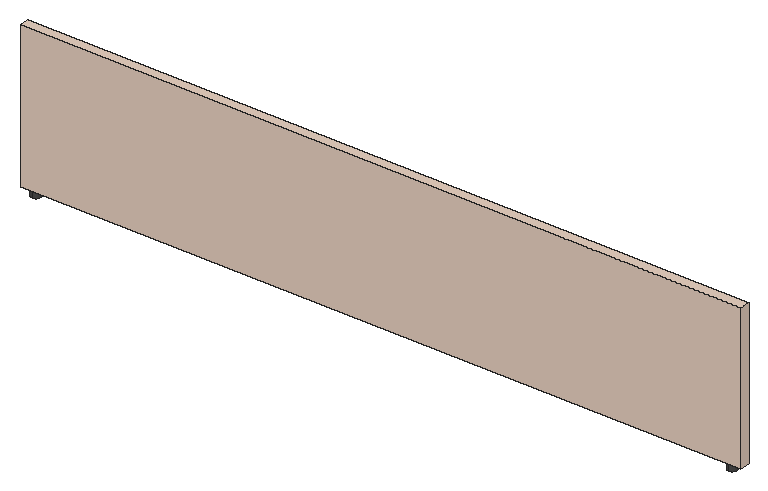
Revit family "Storage-Multi_Level_Workstations-Teknion-BSSCM_Cover_for_Height_Adjustable_Mechanism-R2018", category Furniture, Revit 2018
Family settings
  OmniClass Number = 23.40.20.00
  OmniClass Title = General Furniture and Specialties
  Work Plane-Based = No
  Always vertical = Yes
  Cut with Voids When Loaded = No
  Shared = Yes
  Room Calculation Point = No
Parameters (values of type "Full Secondary Desk Width Position, End - 1 3/16" thick Secondary Desk, in front of HA Mechanism")
  Width [instance] = 78.000"
  Warranty = "http://www.teknion.com/ca/papers/legal-canada"
  Unit Weight URL = "http://www.teknion.com/ca/tools/assets#&asset=bee6a381-b954-425e-8283-5a2de3a804f2,f828d448-4b62-4231-9e5f-9a8991c0ed77"
  URL = "www.teknion.com"
  To render please download texture images found here [instance] = "https://assets.teknion.com/web/5e81352c1dfdb467/revit-material-swatches/"
  Sustainability Data = "https://www.teknion.com/ca/tools/assets#&topic=216f99a5-57a0-44fc-b10a-9dee9b29ae4c&asset=444deb64-fe58-4b68-981e-f75e97781df7,b4ff2d81-9f2e-437d-9659-7cffb09c31cf"
  Series = "Expansion Casegoods"  # constant formula
  Secondary Desk Height Note [instance] = "Select one option below:"  # constant formula
  Product Page URL = "https://www.teknion.com/ca/products/product-details?productLineId=0053336e-8e7a-673b-a6c8-ff00004460c4"
  Product Line = "Expansion Casegoods"  # constant formula
  Product Documentation Link = "https://www.teknion.com/pricing/expansion-casegoods/pdfs/BSSCM_ppg.pdf"
  Part Number = "BSSCM"
  Origin Point Offset = 7.315"
  Model = "BSSCMFMY_____"
  Manufacturer Phone = "416-661-3370"  # constant formula
  Manufacturer Fax = "416.661.4586"  # constant formula
  Manufacturer Contact Information = "http://www.teknion.com/ca/contactus"
  Manufacturer Address = "1150 Flint Road, Toronto, ON. M3J 2J5. Canada"  # constant formula
  Manufacturer = "Teknion"  # constant formula
  Low Secondary Desk Height [instance] = yes
  Insertion Point Offset = if([1 3/16" Worksurface Thickness], 1.135", 1.674")  # 1.135"
  How To Use Teknion Materials User Guide [instance] = "https://assets.teknion.com/m/205dd0a49fa58060/original/How-to-add-a-Material-Library-and-Texture-Images-to-your-Revit-project.pdf"
  High Secondary Desk Height [instance] = not(Low Secondary Desk Height)  # no
  Height [instance] = if(High Secondary Desk Height, 25.299", 15.748")  # 15.748"
  For Additional Finishes please visit [instance] = "https://assets.teknion.com/m/44a8009b046e5d47/original/Teknion_Materials_Library.zip"
  Edge Connection Node [instance] = and([2D Connection Node Visibility], Origin Point Offset = 7.315")  # yes
  Description = "Cover for Height-Adjustable Mechanism, Full Secondary Desk Width Position, End-1 3/16\" thick Secondary Desk, In Front of Height-Adjustable Mechanism"
  Cover Finish [instance] = Veneer-Teknion-5T-Flintwood-White_Truffle (Long Grain)
  Center Connection Node [instance] = and([2D Connection Node Visibility], not(Edge Connection Node))  # no
  1 3/16" Worksurface Thickness = yes
  Available Widths [instance] = if(Full Secondary Desk Width Position, "60\", 66\", 72\", and 78\"", "18\", 24\", 30\", 36\", 42\", 48\", 54\", 60\", 66\", 72\", and 78\"")  # "60\", 66\", 72\", and 78\""
  Assembly Code = "E2020200"
  Actual Width [instance] = if(Origin Point Offset = 1.970", if(Width = 18.000", 17.910", if(Width = 24.000", 23.880", if(Width = 30.000", 29.850", if(Width = 36.000", 35.820", if(Width = 42.000", 41.790", if(Width = 48.000", 47.760", if(Width = 54.000", 53.730", if(Width = 60.000", 59.700", if(Width = 66.000", 65.670", if(Width = 72.000", 71.640", 77.610")))))))))), if(not(Full Secondary Desk Width Position), if([1 3/16" Worksurface Thickness], if(Width = 18.000", 16.775", if(Width = 24.000", 22.745", if(Width = 30.000", 28.715", if(Width = 36.000", 34.685", if(Width = 42.000", 40.655", if(Width = 48.000", 46.625", if(Width = 54.000", 52.595", if(Width = 60.000", 58.565", if(Width = 66.000", 64.535", if(Width = 72.000", 70.505", 76.475")))))))))), if(Width = 18.000", 16.236", if(Width = 24.000", 22.206", if(Width = 30.000", 28.176", if(Width = 36.000", 34.146", if(Width = 42.000", 40.116", if(Width = 48.000", 46.086", if(Width = 54.000", 52.056", if(Width = 60.000", 58.026", if(Width = 66.000", 63.996", if(Width = 72.000", 69.966", 75.936"))))))))))), if([1 3/16" Worksurface Thickness], if(Width = 60.000", 57.430", if(Width = 66.000", 63.400", if(Width = 72.000", 69.370", 75.340"))), if(Width = 60.000", 56.352", if(Width = 66.000", 62.322", if(Width = 72.000", 68.292", 74.262"))))))  # 75.340"
  Full Secondary Desk Width Position = yes
  2D Connection Node Visibility [instance] = yes
Types (6): name | Origin Point Offset | Model | Insertion Point Offset | Edge Connection Node | Description | Center Connection Node | 1 3/16" Worksurface Thickness | Available Widths | Actual Width | Full Secondary Desk Width Position
  (no name) | 7.315" | "BSSCMFMY_____" | 1.135" | yes | "Cover for Height-Adjustable Mechanism, Full Secondary Desk Width Position, End-1 3/16\" thick Secondary Desk, In Front of Height-Adjustable Mechanism" | no | yes | "60\", 66\", 72\", and 78\"" | 75.340" | yes
  Center Position, No Width Reduction, in front of HA Mechanism | 1.970" | "BSSCMCNY_____" | 1.135" | no | "Cover for Height-Adjustable Mechanism, Center Position, No Width Reduction, In Front of Height-Adjustable Mechanism" | yes | yes | "18\", 24\", 30\", 36\", 42\", 48\", 54\", 60\", 66\", 72\", and 78\"" | 77.610" | no
  End - Off-Module Position, End - 1 3/16" thick Secondary Desk, in front of HA Mechanism | 7.315" | "BSSCMEMY_____" | 1.135" | yes | "Cover for Height-Adjustable Mechanism, End - Off-Module Position, End-1 3/16\" thick Secondary Desk, In Front of Height-Adjustable Mechanism" | no | yes | "18\", 24\", 30\", 36\", 42\", 48\", 54\", 60\", 66\", 72\", and 78\"" | 76.475" | no
  End - Off-Module Position, End - 1 9/16" thick Secondary Desk, in front of HA Mechanism | 7.315" | "BSSCMEXY_____" | 1.674" | yes | "Cover for Height-Adjustable Mechanism, End - Off-Module Position, End-1 9/16\" thick Secondary Desk, In Front of Height-Adjustable Mechanism" | no | no | "18\", 24\", 30\", 36\", 42\", 48\", 54\", 60\", 66\", 72\", and 78\"" | 75.936" | no
  Full Secondary Desk Width Position, End - 1 3/16" thick Secondary Desk, in front of HA Mechanism | 7.315" | "BSSCMFMY_____" | 1.135" | yes | "Cover for Height-Adjustable Mechanism, Full Secondary Desk Width Position, End-1 3/16\" thick Secondary Desk, In Front of Height-Adjustable Mechanism" | no | yes | "60\", 66\", 72\", and 78\"" | 75.340" | yes
  Full Secondary Desk Width Position, End - 1 9/16" thick Secondary Desk, in front of HA Mechanism | 7.315" | "BSSCMFXY_____" | 1.674" | yes | "Cover for Height-Adjustable Mechanism, Full Secondary Desk Width Position, End-1 9/16\" thick Secondary Desk, In Front of Height-Adjustable Mechanism" | no | no | "60\", 66\", 72\", and 78\"" | 74.262" | yes
Reference planes (in)
  plane 1 "Center Front/Back": y = 0
  plane 2: z = 0
  plane 3 "Center Left/Right": x = 0
  plane 4 "Left": x = -37.67
  plane 5 "Right": x = 37.67
  plane 6 "Back": y = 0.508
  plane 7 "Front": y = -0.508
  plane 8 "Top": z = 15.748
  plane 9: y = 7.823
  plane 10: x = -38.805
  plane 11: x = 38.805
Forms (in)
  Sweep 1, solid, material "Veneer-Teknion-5T-Flintwood-White_Truffle (Long Grain)" <- "Cover Finish"
    path origin (0, 0, 0) x (1, 0, 0) y (0, 0, 1)
      loop
        line (0, 0.60236) -> (0, 15.748)
    profile origin (0, 0, 8.17518) x (-1, 0, 0) y (0, -1, 0)
      loop
        line (37.67, -0.508) -> (37.67, 0.508) -> (-37.67, 0.508) -> (-37.67, -0.508) -> (37.67, -0.508)
  Sweep 2, solid, material "Plastic - Teknion - E - Ebony"
    path origin (0, 0, 0) x (1, 0, 0) y (0, 0, 1)
      loop
        line (0, 0.60236) -> (0, 0)
    profile origin (0, 0, 0.30118) x (0, -1, 0) y (1, 0, 0)
      loop
        circle (0, -36.42) r 0.5
      loop
        circle (0, 36.42) r 0.5
Lines and regions (in)
  symbolic lines, style "FurnitureHiddenLines", detail levels medium+fine
    curve 1: line (-37.67, -0.508, 0) -> (37.67, -0.508, 0)
    curve 2: line (37.67, -0.508, 0) -> (37.67, 0.508, 0)
    curve 3: line (37.67, 0.508, 0) -> (-37.67, 0.508, 0)
    curve 4: line (-37.67, 0.508, 0) -> (-37.67, -0.508, 0)
  symbolic lines, style "FurnitureHiddenLines", detail levels fine
    curve 5: arc (36.42, -0.5, 0) -> (36.92, 0, 0) -> (36.42, 0.5, 0) r 0.5
    curve 6: arc (36.42, 0.5, 0) -> (35.92, 0, 0) -> (36.42, -0.5, 0) r 0.5
    curve 7: arc (-36.42, 0.5, 0) -> (-36.92, 0, 0) -> (-36.42, -0.5, 0) r 0.5
    curve 8: arc (-36.42, -0.5, 0) -> (-35.92, 0, 0) -> (-36.42, 0.5, 0) r 0.5
Dimensions and locks (in)
  "Actual Width": plane 4 "Left" to plane 5 "Right"
  locked: plane 6 "Back" to plane 7 "Front" at 1.016
  "Height": plane 8 "Top" to level
  equal spacing: plane 6 "Back", plane 1 "Center Front/Back", plane 7 "Front", locked at 0.508 each
  equal spacing: plane 4 "Left", plane 3 "Center Left/Right", plane 5 "Right"
  "Origin Point Offset": plane 9 to plane 6 "Back"
  "Insertion Point Offset": plane 5 "Right" to plane 11
  "Insertion Point Offset": plane 10 to plane 4 "Left"
  locked: Sweep 1 sketch curve to level at 0.60236
  Sweep 2 sketch curve to level to Sweep 2 sketch curve = 0.60236" locked, 0.000" locked
  locked: plane 4 "Left" to Sweep 2 sketch curve at 1.25
  locked: Sweep 2 sketch curve to plane 5 "Right" at 1.25
  locked: plane 1 "Center Front/Back" to Sweep 2 sketch curve at 0  (x2)
  aligned and locked: level to plane 2
  aligned and locked: plane 3 "Center Left/Right" to nested 1
  aligned and locked: nested 1 to plane 9
  aligned and locked: plane 10 to nested 2
  aligned and locked: nested 2 to plane 9
  aligned and locked: plane 11 to nested 3
  aligned and locked: nested 3 to plane 9
  aligned and locked: plane 3 "Center Left/Right" to Sweep 1 sketch curve
  aligned and locked: plane 8 "Top" to Sweep 1 sketch curve
  aligned and locked: Sweep 1 sketch curve to plane 6 "Back"
  aligned and locked: Sweep 1 sketch curve to plane 7 "Front"
  aligned and locked: plane 5 "Right" to Sweep 1 sketch curve
  aligned and locked: Sweep 1 sketch curve to plane 4 "Left"
  aligned and locked: Sweep 2 sketch curve to plane 3 "Center Left/Right"
  aligned and locked: curve 1 to Sweep 1
  aligned and locked: curve 2 to Sweep 1
  aligned and locked: curve 3 to Sweep 1
  aligned and locked: curve 4 to Sweep 1
  aligned and locked: curve 5 to Sweep 2
  aligned and locked: curve 6 to Sweep 2
  aligned and locked: curve 7 to Sweep 2
  aligned and locked: curve 8 to Sweep 2
Automatic sketch dimensions
  radius of Sweep 2 sketch curve = 0.500"  (x2)
Nested families (in)
  nested 1: "Teknion_2D_Node_Family-R2016" at (0, 7.823, 0), visible <- "Center Connection Node", type "Teknion_2D_Node_Family-R2016"
  nested 2: "Teknion_2D_Node_Family-R2016" at (-38.805, 7.823, 0), visible <- "Edge Connection Node", type "Teknion_2D_Node_Family-R2016"
  nested 3: "Teknion_2D_Node_Family-R2016" at (38.805, 7.823, 0), visible <- "Edge Connection Node", type "Teknion_2D_Node_Family-R2016"
Definition of nested family "Teknion_2D_Node_Family-R2016"
  Reference planes (in)
    plane 1 "Center (Front/Back)": y = 0
    plane 2: z = 0
    plane 3 "Center (Left/Right)": x = 0
  Lines and regions (in)
    detail lines, in view "Ref. Level"
      curve 1: circle (0, 0, 0) r 1.25 normal (0, 0, 1)
      curve 2: line (1.91508, -1.91508, 0) -> (-1.91508, 1.91508, 0)
      curve 3: line (-1.91508, -1.91508, 0) -> (1.91508, 1.91508, 0)
